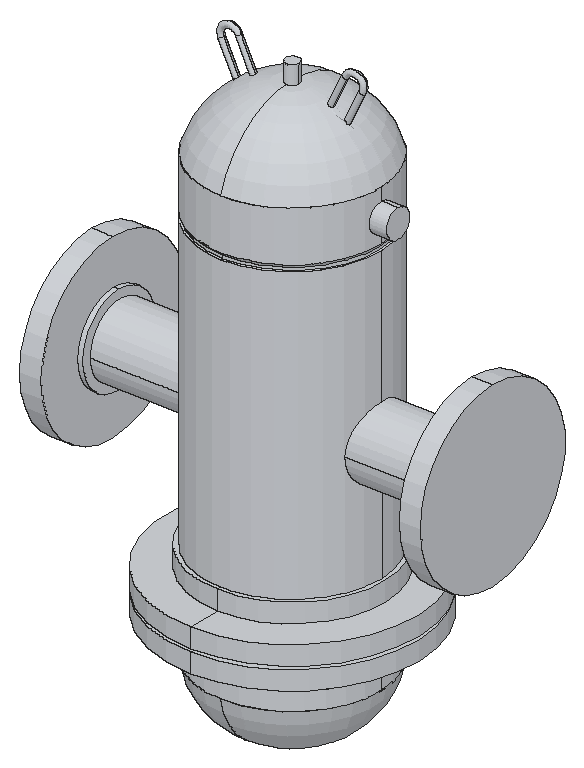
Revit family "WVA-2.5", category Mechanical Equipment, Revit 2014
Parameters (values of type "WVA-2.5")
  SideDrainExtrusion = CylinderHalfLength * 0.13123  # 0.65615"
  PipeConnectorDiameter = 2 1/2"
  PartNumber = "72080025"
  MaximumOperatingTemperature = "240°F"
  MaximumOperatingPressure = "125 PSIG"
  MaximumFlow = "108 GPM"
  HookWidth = 3/4"
  SideFlangeThickness1 = 15/64"
  SideFlangeThickness = 53/64"
  LeftHookDistance = 0.35916"
  TopExtrusionDiameter = A * 0.1111  # 1.111"
  SideFlangeStep2 = 7 11/128"
  SideFlangeStep1 = 3 139/256"
  PipeDiameter = 2 7/8"
  HookTopDistance = B * 0.01386  # 0.31878"
  HookDistance = A * 0.19597  # 1.9597"
  URL = "http://westank.com/"
  TotalHeight = B * 0.1364  # 3.1372"
  Step5Diameter = A * 0.21818  # 2.18181"
  Step4Diameter = A * 0.25455  # 2.54545"
  Step3Diameter = A * 0.18182  # 1.8182"
  Step2Diameter = A * 0.10909  # 1.0909"
  Step1Diameter = A * 0.05454  # 0.5454"
  RingDistance = B * 0.19599  # 4.50777"
  RevolveRadius = CylindarDia / 2  # 3 1/2"
  Model = "WVA-2.5"
  Manufacturer = "Wessels Company"
  HookDiameter = A * 0.0223  # 0.223"
  Height2 = B * 0.00547  # 0.12581"
  Height1 = B * 0.03268  # 0.75164"
  D = 11 1/2"
  CylinderHeight = B * 0.781  # 17.963"
  CylinderHalfLength = A / 2  # 5"
  CouplingHeight = B * 0.15525  # 3.57075"
  C = 15 3/4"
  BottomRevolveHeight = B * 0.10886  # 2.50378"
  BottomExtrusionHeight = B * 0.01095  # 0.25185"
  B = 23"
  CylindarDia = A * 0.7  # 7"
  NumberOfArray = 9
  ArrayRadius = CylindarDia * 0.62598  # 4.38189"
  ApproximateShipmentWeight = "90 lbs"
  A = 10"
Reference planes (in)
  plane 1: z = 0
  plane 2 "Center (Left/Right)": x = 0
  plane 3: x = -3.5
  plane 4: y = 1.09449
  plane 5: y = -2.40551
  plane 6: x = 3.5
  plane 7: z = 23
  plane 8: z = 11.5
  plane 9: y = -5.90551
  plane 10: z = 20.4815
  plane 11: z = 2.5185
  plane 12: y = -2.90551
  plane 13: y = -1.90551
  plane 14: z = 19.98717
  plane 15: z = 18.87779
  plane 16: z = 19.43248
  plane 17: x = 5
  plane 18: z = 18.49223
  plane 19: z = 18.24223
  plane 20: x = 0
  plane 21: z = 3.01459
  plane 22: x = -5
  plane 23: y = -7.40551
  plane 24: y = 2.59449
  plane 25: x = 4
  plane 26: z = 4.08442
  plane 27: z = 0.25185
  plane 28: z = 2.75563
  plane 29: y = -2.15551
  plane 30: y = -2.65551
  plane 31: x = -7.875
  plane 32: x = 7.875
  plane 33: z = 11.5
  plane 34: x = 2
  plane 35: x = -2.03354
Forms (in)
  Extrusion 1, solid
    sketch origin (0, 0, 0) x (1, 0, 0) y (0, 1, 0)
      loop
        circle (0, -2.40551) r 3.5
    from 2.75563 to 20.4815
  Revolve 2, solid
    sketch origin (0, 0, 0) x (0, 1, 0) y (0, 0, 1)
      loop
        line (-2.40551, 20.4815) -> (-2.40551, 23)
        arc (-2.40551, 23) -> (-4.58871, 22.34277) -> (-5.90551, 20.4815) r 3.50442
        line (-5.90551, 20.4815) -> (-2.40551, 20.4815)
      axis (-2.40551, 23) -> (-2.40551, 20.4815)
    angle from 0 to 360
  Revolve 3, solid
    sketch origin (0, 0, 23) x (0, 1, 0) y (0, 0, 1)
      loop
        line (-2.40551, -20.24437) -> (-5.90551, -20.24437)
        arc (-5.90551, -20.24437) -> (-4.67687, -22.22506) -> (-2.40551, -22.74815) r 3.03137
        line (-2.40551, -22.74815) -> (-2.40551, -20.24437)
      axis (-2.40551, -22.74815) -> (-2.40551, -20.24437)
    angle from 0 to 360
  Extrusion 4, solid
    sketch origin (5, -180, 55.70663) x (0, 0, 1) y (0, -1, 0)
      loop
        circle (-36.27415, -177.59449) r 0.5555
    from -0.84385 to -1.97366
  Revolve 5, void
    sketch origin (0, 0, 0) x (0, 1, 0) y (0, 0, 1)
      loop
        line (1.14136, 18.55917) -> (1.00252, 18.36089) -> (1.00252, 18.24223) -> (1.14136, 18.24223) -> (1.14136, 18.55917)
      axis (-2.40551, 18.55917) -> (-2.40551, 18.24223)
    angle from 0 to 360
  Revolve 6, solid
    sketch origin (0, 0, 0) x (0, 1, 0) y (0, 0, 1)
      loop
        line (1.27519, 4.32239) -> (2.59449, 4.32239) -> (2.59449, 5.07403) -> (1.69769, 5.07403) -> (1.69769, 5.19984) -> (2.59449, 5.19984) -> (2.59449, 5.95148) -> (1.27519, 5.95148) -> (1.27519, 6.70795) -> (1.09449, 6.70795) -> (1.09449, 3.57075) -> (1.27519, 3.57075) -> (1.27519, 4.32239)
      axis (-2.40551, 6.70795) -> (-2.40551, 3.57075)
    angle from 0 to 360
  Extrusion 7, solid
    sketch origin (0, 0, 0) x (1, 0, 0) y (0, 1, 0)
      loop
        circle (0, -2.40551) r 0.2727
    from 0 to 0.25185
  Extrusion 8, solid
    sketch origin (0, 0, 0) x (0, 1, 0) y (0, 0, 1)
      loop
        circle (-2.40551, 11.5) r 1.4375
    from -6.8125 to 6.8125
  Extrusion 9, solid
    sketch origin (-7.875, -180, 25.05775) x (0, 0, 1) y (0, -1, 0)
      loop
        circle (-13.55775, -177.59449) r 1.77148
    from 1.0625 to 0.82813
  Extrusion 10, solid
    sketch origin (-7.875, -180, 25.05775) x (0, 0, 1) y (0, -1, 0)
      loop
        circle (-13.55775, -177.59449) r 3.54297
    from 0 to 0.82813
  Extrusion 11, solid
    sketch origin (7.625, -180, 25.05775) x (0, 0, 1) y (0, 1, 0)
      loop
        circle (-13.55775, 177.59449) r 1.77148
    from 0.8125 to 0.57812
  Extrusion 12, solid
    sketch origin (7.625, -180, 25.05775) x (0, 0, 1) y (0, 1, 0)
      loop
        circle (-13.55775, 177.59449) r 3.54297
    from -0.25 to 0.57812
  Extrusion 13, solid
    sketch origin (-60.41868, -180, 23) x (-1, 0, 0) y (0, -1, 0)
      loop
        circle (-60.41868, -177.59449) r 0.2727
    from 0 to 0.71071
  Sweep 14, solid
    path origin (-15.5551, 1.40695, 133.43804) x (0.426844, -0.010352, 0.904266) y (0.904321, 0.001757, -0.42685)
      loop
        line (-92.98541, 62.71114) -> (-91.46355, 62.71114)
        arc (-91.46355, 62.71114) -> (-91.08855, 63.08614) -> (-91.46355, 63.46114) r 0.375
        line (-91.46355, 63.46114) -> (-92.98541, 63.46114)
    profile origin (1.79039, 2.47185, 23.27434) x (0.904321, 0.001757, -0.42685) y (0.00283, 0.999945, 0.010112)
      loop
        circle (0, -4.875) r 0.1115
  Sweep 15, solid
    path origin (15.5551, 1.40695, 133.43804) x (-0.426844, -0.010352, 0.904266) y (0.904321, -0.001757, 0.42685)
      loop
        line (-92.98541, -62.71114) -> (-91.46355, -62.71114)
        arc (-91.46355, -62.71114) -> (-91.08855, -63.08614) -> (-91.46355, -63.46114) r 0.375
        line (-91.46355, -63.46114) -> (-92.98541, -63.46114)
    profile origin (-1.79039, 2.47185, 23.27434) x (0.904321, -0.001757, 0.42685) y (-0.00283, 0.999945, 0.010112)
      loop
        circle (0, -4.875) r 0.1115
Cuts and joins
  Revolve 5 cuts Extrusion 1
  joined: Extrusion 1, Extrusion 4, Revolve 6, Extrusion 8
  joined: Revolve 2, Sweep 14, Sweep 15
Dimensions and locks (in)
  equal spacing: plane 6, plane 2 "Center (Left/Right)", plane 3
  "CylindarDia": plane 6 to plane 3
  equal spacing: plane 7, plane 8, level
  "B": plane 7 to level
  equal spacing: plane 3, plane 2 "Center (Left/Right)", plane 6
  plane 3 to plane 6 = 7"
  equal spacing: plane 4, plane 5, plane 9
  plane 4 to plane 9 = 7"
  "RevolveRadius": plane 9 to plane 5
  equal spacing: plane 10, plane 8, plane 11
  "CylinderHeight": plane 10 to plane 11
  equal spacing: plane 12, plane 5, plane 13
  plane 12 to plane 13 = 1"
  plane 14 to plane 15 = 1 7/64"
  equal spacing: plane 14, plane 16, plane 15
  plane 10 to plane 14 = 0.49433"
  locked: Extrusion 4 sketch curve to plane 5
  locked: Extrusion 4 sketch curve to plane 16 at 0
  locked: Revolve 5 sketch curve to Revolve 5 sketch curve at 0.13884
  locked: plane 18 to plane 19 at 0.25
  "RingDistance": plane 7 to plane 18
  locked: plane 21 to plane 11 at 0.49609
  equal spacing: plane 17, plane 2 "Center (Left/Right)", plane 22
  "A": plane 17 to plane 22
  equal spacing: plane 23, plane 5, plane 24
  "A": plane 23 to plane 24
  locked: plane 25 to plane 6 at 0.5
  Revolve 6 to plane 26 = 0.23797"
  "Height1": Revolve 6 sketch curve to Revolve 6 sketch curve  (x3)
  "Height2": Revolve 6 sketch curve to Revolve 6 sketch curve
  "TotalHeight": Revolve 6 sketch curve to Revolve 6 sketch curve
  "CouplingHeight": level to Revolve 6 sketch curve
  equal spacing: plane 30, plane 5, plane 29
  equal spacing: plane 32, plane 2 "Center (Left/Right)", plane 31
  "C": plane 32 to plane 31
  "D": plane 33 to level
  "SideFlangeThickness": Extrusion 10 to plane 31
  "SideFlangeThickness1": Extrusion 9 to Extrusion 10
  "SideFlangeThickness": plane 32 to Extrusion 12
  "SideFlangeThickness1": Extrusion 11 to Extrusion 12
  locked: plane 20 to Extrusion 13 sketch curve at 0
  locked: plane 5 to Extrusion 13 sketch curve at 0
  "BottomExtrusionHeight": plane 27 to level
  "BottomRevolveHeight": plane 28 to plane 27
  locked: plane 20 to Extrusion 7 sketch curve at 0
  locked: Extrusion 7 sketch curve to plane 5 at 0
  plane 34 to plane 20 to plane 35 = 2", 2.03354"
  "SideDrainExtrusion": Extrusion 4 to plane 6
  "HookWidth": Sweep 14 sketch curve to Sweep 14 sketch curve
  "HookWidth": Sweep 15 sketch curve to Sweep 15 sketch curve
  "CylindarDia": diameter of Extrusion 1 sketch curve
  "TopExtrusionDiameter": diameter of Extrusion 4 sketch curve
  "Step1Diameter": diameter of Extrusion 13 sketch curve
  "PipeDiameter": diameter of Extrusion 8 sketch curve
  "SideFlangeStep1": diameter of Extrusion 9 sketch curve
  "SideFlangeStep2": diameter of Extrusion 10 sketch curve
  "SideFlangeStep1": diameter of Extrusion 11 sketch curve
  "SideFlangeStep2": diameter of Extrusion 12 sketch curve
  "Step1Diameter": diameter of Extrusion 7 sketch curve
  "HookDiameter": diameter of Sweep 14 sketch curve
  "HookDiameter": diameter of Sweep 15 sketch curve
  aligned and locked: level to plane 1
  aligned and locked: Revolve 2 sketch curve to Extrusion 1
  aligned and locked: plane 5 to Revolve 2 sketch curve  (x2)
  aligned and locked: Revolve 2 sketch curve to plane 5
  aligned and locked: Revolve 3 sketch curve to Extrusion 1
  aligned and locked: plane 5 to Revolve 3 sketch curve
  aligned and locked: plane 9 to Revolve 3 sketch curve
  aligned and locked: plane 9 to Revolve 2 sketch curve
  aligned and locked: plane 10 to Extrusion 1
  aligned and locked: Revolve 5 sketch curve to plane 19
  aligned and locked: plane 20 to plane 2 "Center (Left/Right)"
  aligned and locked: Revolve 6 sketch curve to Revolve 6 sketch curve
  aligned and locked: Revolve 6 sketch curve to plane 4
  aligned and locked: Revolve 6 sketch curve to plane 5
  aligned and locked: plane 24 to Revolve 6 sketch curve
  aligned and locked: Revolve 5 sketch curve to plane 5
  aligned and locked: Extrusion 1 to plane 28
  aligned and locked: plane 27 to Extrusion 7
  aligned and locked: Extrusion 7 to level
  aligned and locked: Extrusion 10 to plane 31
  aligned and locked: Extrusion 9 to Extrusion 10
  aligned and locked: Extrusion 8 to Extrusion 9
  aligned and locked: Extrusion 12 to Extrusion 11
  aligned and locked: Extrusion 8 to Extrusion 11
  aligned and locked: plane 32 to Extrusion 12
  aligned and locked: Extrusion 13 to plane 7
Automatic sketch dimensions
  Revolve 3 sketch curve to plane 5 = 0"
  Revolve 3 sketch curve to plane 27 = 0"  (x2)
  Revolve 3 sketch curve to plane 28 = 0"
  Revolve 3 sketch curve to plane 12 = 0.00764"
  Revolve 5 sketch curve to plane 4 = 0.09196"
  plane 19 to Revolve 5 sketch curve = 0.11866"
  plane 18 to Revolve 5 sketch curve = 0.06694"
  Revolve 5 sketch curve to level = 12"
  Revolve 2 sketch curve to plane 10 = 0"
  Revolve 2 sketch curve to plane 7 = 0"
  plane 16 to Revolve 2 sketch curve = 0.06575"
  plane 7 to Revolve 2 sketch curve = 2.7327"
  plane 7 to Revolve 5 sketch curve = 72 7/8"
  Extrusion 1 sketch curve to plane 2 "Center (Left/Right)" = 0"
  Extrusion 1 sketch curve to plane 5 = 0"
  Revolve 6 sketch curve to plane 4 = 0"
  Revolve 6 sketch curve to Revolve 6 sketch curve = 0.1807"  (x2)
  plane 4 to Revolve 6 sketch curve = 0.6032"
  Revolve 6 sketch curve to level = 12"
  plane 7 to Revolve 6 sketch curve = 73"
  Extrusion 8 sketch curve to plane 5 = 0"
  Extrusion 8 sketch curve to plane 8 = 0"
  Extrusion 9 sketch curve to plane 5 = 0"
  Extrusion 9 sketch curve to plane 8 = 0"
  Extrusion 10 sketch curve to plane 5 = 0"
  Extrusion 10 sketch curve to plane 8 = 0"
  Extrusion 11 sketch curve to plane 5 = 0"
  Extrusion 11 sketch curve to plane 8 = 0"
  Extrusion 12 sketch curve to plane 5 = 0"
  Extrusion 12 sketch curve to plane 8 = 0"
  Sweep 14 sketch curve to Sweep 14 sketch curve = 1.52185"
  Sweep 14 sketch curve to Sweep 14 sketch curve = 0"
  Sweep 14 sketch curve to profile plane = 0"
  Sweep 14 sketch curve to profile plane = 4 7/8"
  Sweep 15 sketch curve to Sweep 15 sketch curve = 1.52185"
  Sweep 15 sketch curve to Sweep 15 sketch curve = 0"
  profile plane to Sweep 15 sketch curve = 0"
  Sweep 15 sketch curve to profile plane = 4 7/8"
Connectors (in)
  piping at (7.875, -2.40551, 11.5), diameter 2.5, driven by "PipeConnectorDiameter"
    settings: on Extrusion 12, index 1, connector inside diameter 24", connector length 0", flow factor 0, pipe flow 0 GPM, pressure drop 0.00 psi, fitting loss kfactor 0, connector angle 0.00°, fixture units 0, engagement length 0", angle of deflection 0.00°, flow configuration 0, flow direction 0, fitting loss method 0, system type 7, joint type 0, gender type 0, connector reference index -1, connector utility 0, adjustable connector no, is connector primary yes, connector description ""
  piping at (-7.875, -2.40551, 11.5), diameter 2.5, driven by "PipeConnectorDiameter"
    settings: on Extrusion 10, index 2, connector inside diameter 24", connector length 0", flow factor 0, pipe flow 0 GPM, pressure drop 0.00 psi, fitting loss kfactor 0, connector angle 0.00°, fixture units 0, engagement length 0", angle of deflection 0.00°, flow configuration 0, flow direction 0, fitting loss method 0, system type 7, joint type 0, gender type 0, connector reference index -1, connector utility 0, adjustable connector no, is connector primary no, connector description ""
